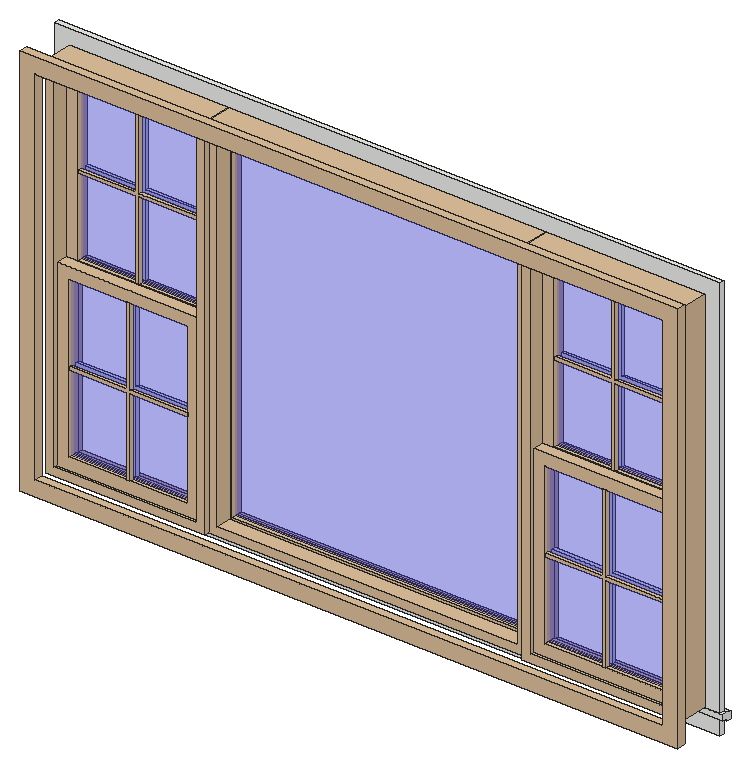
Revit family "Existing Living Room Front Window", category Windows, host Wall, Revit 2021 (continued)
Definition of nested family "Window-Double-Hung"
  Definition of nested family "Muntin Pattern_2x2"
    Reference planes (in)
      plane 2: z = 0
      plane 3 "Center (Left/Right)": x = 0
      plane 4: z = 48
      plane 5: x = -24
      plane 6: x = 24
      plane 7: z = 24
      plane 8: y = 0.375
      plane 9: y = 0.875
      plane 10: y = -0.375
      plane 11: y = -0.875
    Forms (in)
      Extrusion 1, solid, material <- "Interior Material", detail levels fine
        sketch origin (0, 0, 0) x (1, 0, 0) y (0, 0, 1)
          loop
            line (-24, 24.25) -> (-24, 23.75) -> (-0.25, 23.75) -> (-0.25, 0) -> (0.25, 0) -> (0.25, 23.75) -> (24, 23.75) -> (24, 24.25) -> (0.25, 24.25) -> (0.25, 48) -> (-0.25, 48) -> (-0.25, 24.25) -> (-24, 24.25)
        from 0.375 to 0.875
      Extrusion 2, solid, material <- "Exterior Material", detail levels fine
        sketch origin (0, 0, 0) x (1, 0, 0) y (0, 0, -1)
          loop
            line (-24, -24.25) -> (-0.25, -24.25) -> (-0.25, -48) -> (0.25, -48) -> (0.25, -24.25) -> (24, -24.25) -> (24, -23.75) -> (0.25, -23.75) -> (0.25, 0) -> (-0.25, 0) -> (-0.25, -23.75) -> (-24, -23.75) -> (-24, -24.25)
        from 0.375 to 0.875
    Lines and regions (in)
      model lines, detail levels medium
        curve 1: line (0, 0.375, 48) -> (0, 0.375, 0)
        curve 2: line (-24, -0.375, 24) -> (24, -0.375, 24)
        curve 3: line (-24, 0.375, 24) -> (24, 0.375, 24)
        curve 4: line (0, -0.375, 48) -> (0, -0.375, 0)
    Dimensions and locks (in)
      equal spacing: plane 6, plane 3 "Center (Left/Right)", plane 5
      "Width": plane 6 to plane 5
      "Height": plane 4 to plane 2
      equal spacing: plane 4, plane 7, plane 2
      locked: plane 3 "Center (Left/Right)" to Extrusion 1 sketch curve at 0.25  (x4)
      locked: Extrusion 1 sketch curve to plane 7 at 0.25  (x2)
      locked: plane 7 to Extrusion 1 sketch curve at 0.25  (x2)
      "Thickness": plane 9 to plane 8
      "Thickness": plane 10 to plane 11
      "Distance": plane 8 to plane 10
      equal spacing: plane 8, plane 1 "Center (Front/Back)", plane 10
      aligned and locked: plane 2 to level
      aligned and locked: plane 4 to curve 1
      aligned and locked: plane 5 to curve 2
      aligned and locked: plane 2 to curve 1
      aligned and locked: plane 6 to curve 2
      aligned and locked: Extrusion 1 sketch curve to plane 4
      aligned and locked: Extrusion 1 sketch curve to plane 6
      aligned and locked: Extrusion 1 sketch curve to plane 5
      aligned and locked: Extrusion 1 sketch curve to level
      aligned and locked: Extrusion 1 to plane 11
      aligned and locked: plane 10 to Extrusion 1
      aligned and locked: Extrusion 2 to plane 5
      aligned and locked: plane 6 to Extrusion 2
      aligned and locked: Extrusion 2 to plane 8
      aligned and locked: plane 9 to Extrusion 2
      aligned and locked: Extrusion 2 to plane 2
      aligned and locked: plane 4 to Extrusion 2
      aligned and locked: plane 5 to curve 3
      aligned and locked: plane 6 to curve 3
      aligned and locked: plane 4 to curve 4
      aligned and locked: plane 2 to curve 4
      aligned and locked: plane 8 to curve 3
    Automatic sketch dimensions
      curve 2 to plane 7 = 0' - 0"
      Extrusion 2 sketch curve to plane 5 = 0' - 0"
      Extrusion 2 sketch curve to level = 0' - 0"
      Extrusion 2 sketch curve to plane 4 = 0' - 0"
      Extrusion 2 sketch curve to plane 6 = 0' - 0"
      Extrusion 2 sketch curve to plane 3 "Center (Left/Right)" = 0' - 0 1/4"  (x2)
      plane 3 "Center (Left/Right)" to Extrusion 2 sketch curve = 0' - 0 1/4"  (x2)
      plane 7 to Extrusion 2 sketch curve = 0' - 0 1/4"  (x2)
      Extrusion 2 sketch curve to plane 7 = 0' - 0 1/4"  (x2)
      curve 4 to plane 3 "Center (Left/Right)" = 0' - 0"
      curve 4 to level = 0' - 0"
      curve 4 to plane 4 = 0' - 0"
      curve 3 to plane 6 = 0' - 0"
      curve 1 to plane 3 "Center (Left/Right)" = 0' - 0"
      curve 3 to plane 5 = 0' - 0"
      curve 3 to plane 7 = 0' - 0"
  Definition of nested family "Trim-Window-Exterior-Flat"
    Parameters (values of type "with Sill")
      Trim Width = 0' - 2 1/4"
      Trim Thickness_Picture Frame = 0' - 1 1/4"
      Trim Thickness_with Sill = 0' - 0 3/4"
      Trim Material [instance] = none
      Sill Thickness = 0' - 1 1/4"
      Sill = yes
      Picture Frame = no
      Opening Width [instance] = 2' - 0"
      Opening Height [instance] = 3' - 0"
      Default Elevation = 4' - 0"
    Types (2): name | Sill | Picture Frame
      with Sill | yes | no
      Picture Frame | no | yes
    Reference planes (in)
      plane 1 "Center (Front/Back)": y = 0
      plane 2: z = 0
      plane 3 "Center (Left/Right)": x = 0
      plane 4: y = 2.25
      plane 5 "Left": x = -12
      plane 6 "Right": x = 12
      plane 7 "Bottom": y = -36
      plane 8: y = -37.25
      plane 9: y = -39.12332
      plane 10: x = 14.25
      plane 11: x = -14.25
      plane 12: z = 0.75
      plane 13: z = 1.25
      plane 14: x = 14.75
      plane 15: x = -14.75
      plane 16: y = -36.87332
      plane 17: y = -38.25
      plane 18: z = 0.5
      plane 19: y = -18
      plane 20: z = 1.5
    Forms (in)
      Extrusion 1, solid
        sketch origin (0, 0, 0) x (1, 0, 0) y (0, 1, 0)
          loop
            line (-14.25, 2.25) -> (-14.25, -39.12332) -> (14.25, -39.12332) -> (14.25, 2.25) -> (-14.25, 2.25)
        from 0 to -12
      Extrusion 2, solid, material <- "Trim Material", visible <- "Sill"
        sketch origin (0, 0, 0) x (1, 0, 0) y (0, 1, 0)
          loop
            line (-14.25, -36) -> (-12, -36) -> (-12, 0) -> (12, 0) -> (12, -36) -> (14.25, -36) -> (14.25, 2.25) -> (-14.25, 2.25) -> (-14.25, -36)
        from 0 to 0.75
      Extrusion 3, solid, material <- "Trim Material", visible <- "Sill"
        sketch origin (0, 0, 0) x (0, 1, 0) y (0, 0, 1)
          loop
            line (-36.09677, 1.5) -> (-37.25, 1.5) -> (-37.25, 0.75) -> (-36.87332, 0.75) -> (-36.87332, 0) -> (-36, 0) -> (-36, 0.75) -> (-36.09677, 1.5)
        from -14.75 to 14.75
      Extrusion 4, solid, material <- "Trim Material", visible <- "Sill"
        sketch origin (0, 0, 0) x (1, 0, 0) y (0, 1, 0)
          loop
            line (-14.25, -36.87332) -> (-14.25, -39.12332) -> (14.25, -39.12332) -> (14.25, -36.87332) -> (-14.25, -36.87332)
        from 0 to 0.75
      Extrusion 5, solid, material <- "Trim Material", visible <- "Picture Frame"
        sketch origin (0, 0, 0) x (1, 0, 0) y (0, 1, 0)
          loop
            line (-12, 0) -> (-12, -36) -> (12, -36) -> (12, 0) -> (-12, 0)
          loop
            line (-14.25, 2.25) -> (-14.25, -38.25) -> (14.25, -38.25) -> (14.25, 2.25) -> (-14.25, 2.25)
        from 0 to 1.25
    Dimensions and locks (in)
      equal spacing: plane 5 "Left", plane 3 "Center (Left/Right)", plane 6 "Right"
      "Opening Width": plane 5 "Left" to plane 6 "Right"
      "Opening Height": plane 7 "Bottom" to plane 1 "Center (Front/Back)"
      "Sill Thickness": plane 7 "Bottom" to plane 8
      "Trim Width": plane 11 to plane 5 "Left"
      "Trim Width": plane 6 "Right" to plane 10
      "Trim Width": plane 1 "Center (Front/Back)" to plane 4
      locked: plane 15 to plane 11 at 0.5
      locked: plane 10 to plane 14 at 0.5
      locked: plane 16 to plane 8 at 0.37668
      "Trim Width": plane 9 to plane 16
      "Trim Width": plane 17 to plane 7 "Bottom"
      locked: plane 18 to plane 2 at 0.5
      equal spacing: plane 7 "Bottom", plane 19, plane 1 "Center (Front/Back)"
      locked: plane 20 to plane 12 at 0.75
      "Trim Thickness_with Sill": plane 12 to plane 2
      "Trim Thickness_Picture Frame": plane 13 to plane 2
      aligned and locked: plane 2 to Extrusion 1
      aligned and locked: level to Extrusion 1
      aligned and locked: Extrusion 2 sketch curve to plane 5 "Left"
      aligned and locked: Extrusion 2 sketch curve to plane 11
      aligned and locked: plane 7 "Bottom" to Extrusion 2 sketch curve  (x2)
      aligned and locked: plane 1 "Center (Front/Back)" to Extrusion 2 sketch curve
      aligned and locked: plane 10 to Extrusion 2 sketch curve
      aligned and locked: Extrusion 2 sketch curve to plane 6 "Right"
      aligned and locked: plane 12 to Extrusion 2
      aligned and locked: Extrusion 3 sketch curve to level
      aligned and locked: plane 7 "Bottom" to Extrusion 3 sketch curve
      aligned and locked: Extrusion 3 sketch curve to plane 8
      aligned and locked: plane 15 to Extrusion 3
      aligned and locked: Extrusion 3 to plane 14
      aligned and locked: plane 10 to Extrusion 4 sketch curve
      aligned and locked: Extrusion 4 sketch curve to plane 11
      aligned and locked: plane 16 to Extrusion 4 sketch curve
      aligned and locked: plane 9 to Extrusion 4 sketch curve
      aligned and locked: Extrusion 4 to Extrusion 2
      aligned and locked: Extrusion 2 sketch curve to plane 4
      aligned and locked: plane 1 "Center (Front/Back)" to Extrusion 5 sketch curve
      aligned and locked: Extrusion 5 sketch curve to plane 4
      aligned and locked: Extrusion 5 sketch curve to plane 17
      aligned and locked: plane 7 "Bottom" to Extrusion 5 sketch curve
      aligned and locked: Extrusion 5 sketch curve to plane 6 "Right"
      aligned and locked: plane 10 to Extrusion 5 sketch curve
      aligned and locked: Extrusion 5 sketch curve to plane 5 "Left"
      aligned and locked: Extrusion 5 sketch curve to plane 11
      aligned and locked: plane 13 to Extrusion 5
      aligned and locked: plane 20 to Extrusion 3
    Automatic sketch dimensions
      Extrusion 1 sketch curve to Extrusion 1 sketch curve = 2' - 4 1/2"
      Extrusion 1 sketch curve to Extrusion 1 sketch curve = 3' - 5.37332"
      Extrusion 3 sketch curve to plane 16 = 0' - 0"
      Extrusion 3 sketch curve to plane 12 = 0' - 0"  (x2)
      Extrusion 3 sketch curve to plane 7 "Bottom" = 0' - 0.09677"
      plane 13 to Extrusion 3 sketch curve = 0' - 0 1/4"
  Definition of nested family "Trim-Window-Interior-Flat"
    Parameters (values of type "with Sill")
      Trim Thickness_Picture Frame = 0' - 1 1/4"
      Trim Width = 0' - 2 1/4"
      Trim Thickness_with Sill = 0' - 0 3/4"
      Trim Material [instance] = none
      Sill Thickness = 0' - 1 1/4"
      Sill = yes
      Picture Frame = no
      Opening Width [instance] = 2' - 0"
      Opening Height [instance] = 3' - 0"
      Default Elevation = 4' - 0"
    Types (2): name | Sill | Picture Frame
      with Sill | yes | no
      Picture Frame | no | yes
    Reference planes (in)
      plane 1 "Center (Front/Back)": y = 0
      plane 2: z = 0
      plane 3 "Center (Left/Right)": x = 0
      plane 4: y = 1.75
      plane 5 "Left": x = -12
      plane 6 "Right": x = 12
      plane 7 "Bottom": y = -36
      plane 8: y = -37.25
      plane 9: y = -39.12332
      plane 10: x = 13.75
      plane 11: x = -13.75
      plane 12: z = 0.75
      plane 13: z = 1.25
      plane 14: x = 14.25
      plane 15: x = -14.25
      plane 16: y = -36.87332
      plane 17: y = -37.75
      plane 18: z = 0.5
      plane 19: x = -11.5
      plane 20: y = -0.5
      plane 21: x = 11.5
      plane 22: y = -35.5
      plane 23: x = -13.25
      plane 24: x = 13.25
      plane 25: y = -18
    Forms (in)
      Extrusion 1, solid
        sketch origin (0, 0, 0) x (1, 0, 0) y (0, 1, 0)
          loop
            line (-13.75, 1.75) -> (-13.75, -37.75) -> (13.75, -37.75) -> (13.75, 1.75) -> (-13.75, 1.75)
        from 0 to -12
      Extrusion 2, solid, material <- "Trim Material", visible <- "Sill"
        sketch origin (0, 0, 0) x (1, 0, 0) y (0, 1, 0)
          loop
            line (-13.25, -36) -> (-11.5, -36) -> (-11.5, 0) -> (11.5, 0) -> (11.5, -36) -> (13.25, -36) -> (13.25, 1.75) -> (-13.25, 1.75) -> (-13.25, -36)
        from 0 to 0.75
      Extrusion 3, solid, material <- "Trim Material", visible <- "Sill"
        sketch origin (0, 0, 0) x (0, 1, 0) y (0, 0, 1)
          loop
            line (-36.5, 1.5) -> (-36.87332, 1.5) -> (-36.87332, 0) -> (-36, 0) -> (-36, 1)
            arc (-36, 1) -> (-36.14645, 1.35355) -> (-36.5, 1.5) r 0.5
        from -13.75 to 13.75
      Extrusion 4, solid, material <- "Trim Material", visible <- "Sill"
        sketch origin (0, 0, 0) x (1, 0, 0) y (0, 1, 0)
          loop
            line (-13.25, -36.87332) -> (-13.25, -39.12332) -> (13.25, -39.12332) -> (13.25, -36.87332) -> (-13.25, -36.87332)
        from 0 to 0.75
      Extrusion 5, solid, material <- "Trim Material", visible <- "Picture Frame"
        sketch origin (0, 0, 0) x (1, 0, 0) y (0, 1, 0)
          loop
            line (-11.5, -0.5) -> (-11.5, -35.5) -> (11.5, -35.5) -> (11.5, -0.5) -> (-11.5, -0.5)
          loop
            line (-13.75, 1.75) -> (-13.75, -37.75) -> (13.75, -37.75) -> (13.75, 1.75) -> (-13.75, 1.75)
        from 0 to 1.25
    Dimensions and locks (in)
      equal spacing: plane 5 "Left", plane 3 "Center (Left/Right)", plane 6 "Right"
      "Opening Width": plane 5 "Left" to plane 6 "Right"
      "Opening Height": plane 7 "Bottom" to plane 1 "Center (Front/Back)"
      "Sill Thickness": plane 7 "Bottom" to plane 8
      "Trim Width": plane 11 to plane 19
      "Trim Width": plane 21 to plane 10
      "Trim Width": plane 20 to plane 4
      "Trim Thickness_with Sill": plane 12 to plane 2
      locked: plane 15 to plane 11 at 0.5
      locked: plane 10 to plane 14 at 0.5
      locked: plane 16 to plane 8 at 0.37668
      "Trim Width": plane 9 to plane 16
      "Trim Width": plane 17 to plane 22
      plane 20 to plane 1 "Center (Front/Back)" = 0' - 0 1/2"
      plane 5 "Left" to plane 19 = 0' - 0 1/2"
      plane 21 to plane 6 "Right" = 0' - 0 1/2"
      plane 22 to plane 7 "Bottom" = 0' - 0 1/2"
      locked: plane 11 to plane 23 at 0.5
      locked: plane 24 to plane 10 at 0.5
      equal spacing: plane 7 "Bottom", plane 25, plane 1 "Center (Front/Back)"
      "Trim Thickness_Picture Frame": plane 13 to plane 2
      locked: Extrusion 3 to plane 12 at 0.75
      locked: plane 12 to Extrusion 3 sketch curve at 0.75
      radius of Extrusion 3 sketch curve = 0' - 0 1/2"
      aligned and locked: plane 2 to Extrusion 1
      aligned and locked: level to Extrusion 1
      aligned and locked: plane 7 "Bottom" to Extrusion 2 sketch curve  (x2)
      aligned and locked: plane 1 "Center (Front/Back)" to Extrusion 2 sketch curve
      aligned and locked: plane 12 to Extrusion 2
      aligned and locked: Extrusion 3 sketch curve to level
      aligned and locked: plane 7 "Bottom" to Extrusion 3 sketch curve
      aligned and locked: plane 16 to Extrusion 4 sketch curve
      aligned and locked: plane 9 to Extrusion 4 sketch curve
      aligned and locked: Extrusion 2 sketch curve to plane 4
      aligned and locked: Extrusion 5 sketch curve to plane 4
      aligned and locked: Extrusion 5 sketch curve to plane 17
      aligned and locked: plane 10 to Extrusion 5 sketch curve
      aligned and locked: Extrusion 5 sketch curve to plane 11
      aligned and locked: plane 13 to Extrusion 5
      aligned and locked: Extrusion 5 sketch curve to plane 20
      aligned and locked: Extrusion 5 sketch curve to plane 19
      aligned and locked: Extrusion 5 sketch curve to plane 21
      aligned and locked: plane 22 to Extrusion 5 sketch curve
      aligned and locked: Extrusion 4 to plane 24
      aligned and locked: plane 11 to Extrusion 3
      aligned and locked: Extrusion 3 to plane 10
      aligned and locked: Extrusion 2 sketch curve to plane 21
      aligned and locked: Extrusion 2 sketch curve to plane 24
      aligned and locked: Extrusion 2 sketch curve to plane 19
      aligned and locked: Extrusion 2 sketch curve to plane 23
      aligned and locked: plane 12 to Extrusion 4
    Automatic sketch dimensions
      Extrusion 1 sketch curve to Extrusion 1 sketch curve = 2' - 3 1/2"
      Extrusion 1 sketch curve to Extrusion 1 sketch curve = 3' - 3 1/2"
      Extrusion 3 sketch curve to plane 16 = 0' - 0"
      Extrusion 4 sketch curve to plane 11 = 0' - 0 1/2"
      Extrusion 4 sketch curve to plane 24 = 0' - 0"
  Definition of nested family "Plan-Double-Hung"
    Parameters (values of type "Plan-Double-Hung")
      Window Inset [instance] = 0' - 0"
      Window Inset of 3D [instance] = if(Window Inset = 0' 0", 0' 0 1/2", if(Window Inset < Wall Thickness - 0' 3 1/2", Window Inset + 0' 0 1/2", Wall Thickness - 0' 3 1/2"))  # 0' - 0 1/2"
      Width [instance] = 4' - 0"
      Wall Thickness [instance] = 0' - 6"
      Height [instance] = 3' - 0"
      Default Elevation = 4' - 0"
      Analytic Construction = "<None>"
    Reference planes (in)
      plane 1 "Center (Front/Back)": y = 0
      plane 2: z = 0
      plane 3 "Center (Left/Right)": x = 0
      plane 4: x = -24
      plane 5: x = 24
      plane 6 "Jamb": y = -4
      plane 7: x = -22.75
      plane 8: y = -0.5
      plane 9: y = -2.25
      plane 10: y = -1.375
      plane 11: x = -21
      plane 12: x = 22.75
      plane 13: x = 21
      plane 14 "Window Inset": y = -1
      plane 15 "Wall": y = -6
      plane 16: z = 36
      plane 17: z = 34.75
      plane 18: z = 1.25
      plane 19: z = 33
      plane 20: z = 3
      plane 21: z = 18
      plane 22: z = 17.125
      plane 23: z = 18.875
      plane 24: y = -3.125
    Lines and regions (in)
      Masking region 1
        outline origin (0, 0.75, 0) x (1, 0, 0) y (0, 1, 0)
          loop
            line (-24, -6.75) -> (24, -6.75) -> (24, -0.75) -> (-24, -0.75) -> (-24, -6.75)
      Masking region 2
        outline origin (0, 0, 0) x (0, 1, 0) y (0, 0, 1)
          loop
            line (-6, 36) -> (-6, 0) -> (0, 0) -> (0, 36) -> (-6, 36)
      symbolic lines
        curve 1: line (-22.75, -2.25, 0) -> (-21, -2.25, 0)
        curve 2: line (-22.75, -0.5, 0) -> (-22.75, -4, 0)
        curve 3: line (-24, -0.5, 0) -> (-21, -0.5, 0)
        curve 4: line (-21, -0.5, 0) -> (-21, -2.25, 0)
        curve 5: line (-21, -1.375, 0) -> (21, -1.375, 0)
        curve 6: line (22.75, -2.25, 0) -> (21, -2.25, 0)
        curve 7: line (22.75, -0.5, 0) -> (22.75, -4, 0)
        curve 8: line (21, -0.5, 0) -> (21, -2.25, 0)
        curve 9: line (-24, -4, 0) -> (-22.75, -4, 0)
        curve 10: line (22.75, -4, 0) -> (24, -4, 0)
        curve 11: line (0, -0.5, 34.75) -> (0, -4, 34.75)
        curve 12: line (0, -4, 0) -> (0, -4, 3)
        curve 13: line (0, -0.5, 1.25) -> (0, -4, 1.25)
        curve 14: line (0, -0.5, 36) -> (0, -0.5, 33)
        curve 15: line (0, -0.5, 33) -> (0, -2.25, 33)
        curve 16: line (0, -4, 3) -> (0, -2.25, 3)
        curve 17: line (0, -1.375, 18.875) -> (0, -1.375, 33)
        curve 18: line (0, -2.25, 34.75) -> (0, -2.25, 33)
        curve 19: line (21, -0.5, 0) -> (24, -0.5, 0)
        curve 20: line (0, -4, 34.75) -> (0, -4, 36)
        curve 21: line (0, -0.5, 1.25) -> (0, -0.5, 0)
        curve 22: line (0, -2.25, 3) -> (0, -2.25, 1.25)
        curve 23: line (0, -4, 18.875) -> (0, -0.5, 18.875)
        curve 24: line (0, -4, 17.125) -> (0, -4, 18.875)
        curve 25: line (0, -0.5, 17.125) -> (0, -4, 17.125)
        curve 26: line (0, -0.5, 18.875) -> (0, -0.5, 17.125)
        curve 27: line (0, -2.25, 18.875) -> (0, -2.25, 17.125)
        curve 28: line (0, -3.125, 17.125) -> (0, -3.125, 3)
        curve 29: line (-21, -0.5, 0) -> (21, -0.5, 0)
        curve 30: line (-22.75, -4, 0) -> (22.75, -4, 0)
        curve 31: line (0, -0.5, 33) -> (0, -0.5, 18.875)
        curve 32: line (0, -4, 34.75) -> (0, -4, 18.875)
        curve 33: line (0, -4, 17.125) -> (0, -4, 3)
        curve 34: line (0, -0.5, 17.125) -> (0, -0.5, 1.25)
    Dimensions and locks (in)
      "Width": plane 4 to plane 5
      equal spacing: plane 4, plane 3 "Center (Left/Right)", plane 5
      locked: plane 4 to plane 7 at 1.25
      equal spacing: plane 8, plane 10, plane 9
      locked: plane 5 to plane 12 at 1.25
      locked: plane 8 to plane 14 "Window Inset" at 0.5
      locked: plane 8 to plane 9 at 1.75
      "Wall Thickness": plane 15 "Wall" to plane 1 "Center (Front/Back)"
      "Height": plane 16 to plane 2
      locked: plane 16 to plane 17 at 1.25
      locked: plane 18 to plane 2 at 1.25
      locked: plane 9 to plane 6 "Jamb" at 1.75
      "Window Inset of 3D": plane 8 to plane 1 "Center (Front/Back)"
      locked: plane 7 to plane 11 at 1.75
      locked: plane 13 to plane 12 at 1.75
      locked: plane 17 to plane 19 at 1.75
      locked: plane 20 to plane 18 at 1.75
      equal spacing: plane 19, plane 21, plane 20
      equal spacing: plane 23, plane 21, plane 22
      locked: plane 23 to plane 22 at 1.75
      equal spacing: plane 6 "Jamb", plane 24, plane 9
      aligned and locked: plane 2 to level
      aligned and locked: curve 1 to plane 9
      aligned and locked: plane 4 to Masking region 1 sketch curve
      aligned and locked: Masking region 1 sketch curve to plane 5
      aligned and locked: Masking region 1 sketch curve to plane 15 "Wall"
      aligned and locked: curve 9 to plane 6 "Jamb"
      aligned and locked: curve 10 to plane 6 "Jamb"
      aligned and locked: plane 1 "Center (Front/Back)" to Masking region 1 sketch curve
      aligned and locked: Masking region 2 sketch curve to plane 16
      aligned and locked: plane 15 "Wall" to Masking region 2 sketch curve
      aligned and locked: level to Masking region 2 sketch curve
      aligned and locked: plane 6 "Jamb" to curve 12
      aligned and locked: plane 17 to curve 11
      aligned and locked: plane 18 to curve 13
      aligned and locked: curve 14 to plane 8
      aligned and locked: plane 19 to curve 15
      aligned and locked: curve 16 to plane 20
      aligned and locked: plane 10 to curve 17
      aligned and locked: plane 4 to curve 3
      aligned and locked: plane 5 to curve 19
      aligned and locked: plane 16 to curve 14
      aligned and locked: plane 8 to curve 11
      aligned and locked: plane 8 to curve 13
      aligned and locked: plane 2 to curve 21
      aligned and locked: plane 8 to curve 2
      aligned and locked: plane 8 to curve 7
      aligned and locked: curve 18 to plane 9
      aligned and locked: plane 17 to curve 18
      aligned and locked: plane 19 to curve 18
      aligned and locked: plane 2 to curve 12
      aligned and locked: curve 19 to plane 8
      aligned and locked: curve 3 to plane 8
      aligned and locked: curve 4 to plane 11
      aligned and locked: plane 13 to curve 8
      aligned and locked: curve 5 to plane 10
      aligned and locked: plane 9 to curve 6
      aligned and locked: plane 6 "Jamb" to curve 20
      aligned and locked: curve 22 to plane 9
      aligned and locked: curve 23 to plane 23
      aligned and locked: plane 6 "Jamb" to curve 24
      aligned and locked: plane 22 to curve 25
      aligned and locked: curve 26 to plane 8
      aligned and locked: curve 27 to plane 9
      aligned and locked: plane 23 to curve 17
      aligned and locked: curve 28 to plane 24
    Automatic sketch dimensions
      Masking region 2 sketch curve to plane 1 "Center (Front/Back)" = 0' - 0"
      curve 9 to plane 4 = 0' - 0"
      curve 2 to plane 7 = 0' - 0"
      curve 7 to plane 12 = 0' - 0"
      curve 10 to plane 5 = 0' - 0"
      curve 34 to plane 18 = 0' - 0"
      curve 20 to plane 16 = 0' - 0"
  Definition of nested family "Filled Arrow"
    Parameters (values of type "Filled Arrow")
      D3 = 0' - 0"
      D2 = D1 / 6  # 0' - 1.33333"
      D1 = 0' - 8"
    Reference planes (in)
      plane 1 "Center (Front/Back)": y = 0
      plane 2: z = 0
      plane 3 "Center (Left/Right)": x = 0
      plane 4: y = 0.66667
      plane 5: y = -0.66667
      plane 6: x = -4
      plane 7: x = 4
      plane 8: through (8.02606, -2.81908, 48) normal (-0.5736, -0.8192, 0)
      plane 9: through (8.02606, 2.81908, 48) normal (0.5736, -0.8192, 0)
      plane 10: x = 1.33333
    Lines and regions (in)
      Filled region 1, type "Concrete Block", in view "Ref. Level"
        outline origin (0, 0, 0) x (1, 0, 0) y (0, 1, 0)
          loop
            line (-4, 0.66667) -> (-4, -0.66667) -> (1.33333, -0.66667) -> (1.33333, -1.86722) -> (4, 0) -> (1.33333, 1.86722) -> (1.33333, 0.66667) -> (-4, 0.66667)
      detail lines, in view "Ref. Level"
        curve 1: line (-4, 0.66667, 0) -> (1.33333, 0.66667, 0)
        curve 2: line (-4, 0.66667, 0) -> (-4, -0.66667, 0)
        curve 3: line (-4, -0.66667, 0) -> (1.33333, -0.66667, 0)
        curve 4: line (4, 0, 0) -> (1.33333, -1.86722, 0)
        curve 5: line (4, 0, 0) -> (1.33333, 1.86722, 0)
        curve 6: line (1.33333, -0.66667, 0) -> (1.33333, -1.86722, 0)
        curve 7: line (1.33333, 1.86722, 0) -> (1.33333, 0.66667, 0)
    Dimensions and locks (in)
      equal spacing: plane 6, plane 3 "Center (Left/Right)", plane 7
      "D1": plane 6 to plane 7
      equal spacing: plane 4, plane 1 "Center (Front/Back)", plane 5
      "D2": plane 4 to plane 5
      "D2": plane 3 "Center (Left/Right)" to plane 10
      locked: plane 8 to plane 1 "Center (Front/Back)" (angle 35.00°)
      locked: plane 1 "Center (Front/Back)" to plane 9 (angle 35.00°)
      aligned and locked: curve 1 to plane 4
      aligned and locked: curve 2 to plane 6
      aligned and locked: curve 3 to plane 5
      aligned and locked: curve 4 to plane 9
      aligned and locked: curve 5 to plane 8
      aligned and locked: curve 6 to plane 10
      aligned and locked: curve 7 to plane 10
      aligned and locked: Filled region 1 sketch curve to curve 1
      aligned and locked: Filled region 1 sketch curve to curve 2
      aligned and locked: Filled region 1 sketch curve to curve 3
      aligned and locked: Filled region 1 sketch curve to curve 6
      aligned and locked: Filled region 1 sketch curve to curve 4
      aligned and locked: Filled region 1 sketch curve to curve 5
      aligned and locked: Filled region 1 sketch curve to curve 7
Definition of nested family "Muntin Pattern_2x2"
  Parameters (values of type "Muntin Pattern_2x2")
    Width [instance] = 4' - 0"
    Thickness = 0' - 0 1/2"
    Height [instance] = 4' - 0"
    Interior Material [instance] = none
    Exterior Material [instance] = none
    Distance = 0' - 0 3/4"
    Default Elevation = 0' - 0"
  Reference planes (in)
    plane 1 "Center (Front/Back)": y = 0
    plane 2: z = 0
    plane 3 "Center (Left/Right)": x = 0
    plane 4: z = 48
    plane 5: x = -24
    plane 6: x = 24
    plane 7: z = 24
    plane 8: y = 0.375
    plane 9: y = 0.875
    plane 10: y = -0.375
    plane 11: y = -0.875
  Forms (in)
    Extrusion 1, solid, material <- "Interior Material", detail levels fine
      sketch origin (0, 0, 0) x (1, 0, 0) y (0, 0, 1)
        loop
          line (-24, 24.25) -> (-24, 23.75) -> (-0.25, 23.75) -> (-0.25, 0) -> (0.25, 0) -> (0.25, 23.75) -> (24, 23.75) -> (24, 24.25) -> (0.25, 24.25) -> (0.25, 48) -> (-0.25, 48) -> (-0.25, 24.25) -> (-24, 24.25)
      from 0.375 to 0.875
    Extrusion 2, solid, material <- "Exterior Material", detail levels fine
      sketch origin (0, 0, 0) x (1, 0, 0) y (0, 0, -1)
        loop
          line (-24, -24.25) -> (-0.25, -24.25) -> (-0.25, -48) -> (0.25, -48) -> (0.25, -24.25) -> (24, -24.25) -> (24, -23.75) -> (0.25, -23.75) -> (0.25, 0) -> (-0.25, 0) -> (-0.25, -23.75) -> (-24, -23.75) -> (-24, -24.25)
      from 0.375 to 0.875
  Lines and regions (in)
    model lines, detail levels medium
      curve 1: line (0, 0.375, 48) -> (0, 0.375, 0)
      curve 2: line (-24, -0.375, 24) -> (24, -0.375, 24)
      curve 3: line (-24, 0.375, 24) -> (24, 0.375, 24)
      curve 4: line (0, -0.375, 48) -> (0, -0.375, 0)
  Dimensions and locks (in)
    equal spacing: plane 6, plane 3 "Center (Left/Right)", plane 5
    "Width": plane 6 to plane 5
    "Height": plane 4 to plane 2
    equal spacing: plane 4, plane 7, plane 2
    locked: plane 3 "Center (Left/Right)" to Extrusion 1 sketch curve at 0.25  (x4)
    locked: Extrusion 1 sketch curve to plane 7 at 0.25  (x2)
    locked: plane 7 to Extrusion 1 sketch curve at 0.25  (x2)
    "Thickness": plane 9 to plane 8
    "Thickness": plane 10 to plane 11
    "Distance": plane 8 to plane 10
    equal spacing: plane 8, plane 1 "Center (Front/Back)", plane 10
    aligned and locked: plane 2 to level
    aligned and locked: plane 4 to curve 1
    aligned and locked: plane 5 to curve 2
    aligned and locked: plane 2 to curve 1
    aligned and locked: plane 6 to curve 2
    aligned and locked: Extrusion 1 sketch curve to plane 4
    aligned and locked: Extrusion 1 sketch curve to plane 6
    aligned and locked: Extrusion 1 sketch curve to plane 5
    aligned and locked: Extrusion 1 sketch curve to level
    aligned and locked: Extrusion 1 to plane 11
    aligned and locked: plane 10 to Extrusion 1
    aligned and locked: Extrusion 2 to plane 5
    aligned and locked: plane 6 to Extrusion 2
    aligned and locked: Extrusion 2 to plane 8
    aligned and locked: plane 9 to Extrusion 2
    aligned and locked: Extrusion 2 to plane 2
    aligned and locked: plane 4 to Extrusion 2
    aligned and locked: plane 5 to curve 3
    aligned and locked: plane 6 to curve 3
    aligned and locked: plane 4 to curve 4
    aligned and locked: plane 2 to curve 4
    aligned and locked: plane 8 to curve 3
  Automatic sketch dimensions
    curve 2 to plane 7 = 0' - 0"
    Extrusion 2 sketch curve to plane 5 = 0' - 0"
    Extrusion 2 sketch curve to level = 0' - 0"
    Extrusion 2 sketch curve to plane 4 = 0' - 0"
    Extrusion 2 sketch curve to plane 6 = 0' - 0"
    Extrusion 2 sketch curve to plane 3 "Center (Left/Right)" = 0' - 0 1/4"  (x2)
    plane 3 "Center (Left/Right)" to Extrusion 2 sketch curve = 0' - 0 1/4"  (x2)
    plane 7 to Extrusion 2 sketch curve = 0' - 0 1/4"  (x2)
    Extrusion 2 sketch curve to plane 7 = 0' - 0 1/4"  (x2)
    curve 4 to plane 3 "Center (Left/Right)" = 0' - 0"
    curve 4 to level = 0' - 0"
    curve 4 to plane 4 = 0' - 0"
    curve 3 to plane 6 = 0' - 0"
    curve 1 to plane 3 "Center (Left/Right)" = 0' - 0"
    curve 3 to plane 5 = 0' - 0"
    curve 3 to plane 7 = 0' - 0"
Definition of nested family "Trim-Window-Exterior-Flat"
  Parameters (values of type "with Sill")
    Trim Width = 0' - 2 1/4"
    Trim Thickness_Picture Frame = 0' - 1 1/4"
    Trim Thickness_with Sill = 0' - 0 3/4"
    Trim Material [instance] = none
    Sill Thickness = 0' - 1 1/4"
    Sill = yes
    Picture Frame = no
    Opening Width [instance] = 2' - 0"
    Opening Height [instance] = 3' - 0"
    Default Elevation = 4' - 0"
  Types (2): name | Sill | Picture Frame
    with Sill | yes | no
    Picture Frame | no | yes
  Reference planes (in)
    plane 1 "Center (Front/Back)": y = 0
    plane 2: z = 0
    plane 3 "Center (Left/Right)": x = 0
    plane 4: y = 2.25
    plane 5 "Left": x = -12
    plane 6 "Right": x = 12
    plane 7 "Bottom": y = -36
    plane 8: y = -37.25
    plane 9: y = -39.12332
    plane 10: x = 14.25
    plane 11: x = -14.25
    plane 12: z = 0.75
    plane 13: z = 1.25
    plane 14: x = 14.75
    plane 15: x = -14.75
    plane 16: y = -36.87332
    plane 17: y = -38.25
    plane 18: z = 0.5
    plane 19: y = -18
    plane 20: z = 1.5
  Forms (in)
    Extrusion 1, solid
      sketch origin (0, 0, 0) x (1, 0, 0) y (0, 1, 0)
        loop
          line (-14.25, 2.25) -> (-14.25, -39.12332) -> (14.25, -39.12332) -> (14.25, 2.25) -> (-14.25, 2.25)
      from 0 to -12
    Extrusion 2, solid, material <- "Trim Material", visible <- "Sill"
      sketch origin (0, 0, 0) x (1, 0, 0) y (0, 1, 0)
        loop
          line (-14.25, -36) -> (-12, -36) -> (-12, 0) -> (12, 0) -> (12, -36) -> (14.25, -36) -> (14.25, 2.25) -> (-14.25, 2.25) -> (-14.25, -36)
      from 0 to 0.75
    Extrusion 3, solid, material <- "Trim Material", visible <- "Sill"
      sketch origin (0, 0, 0) x (0, 1, 0) y (0, 0, 1)
        loop
          line (-36.09677, 1.5) -> (-37.25, 1.5) -> (-37.25, 0.75) -> (-36.87332, 0.75) -> (-36.87332, 0) -> (-36, 0) -> (-36, 0.75) -> (-36.09677, 1.5)
      from -14.75 to 14.75
    Extrusion 4, solid, material <- "Trim Material", visible <- "Sill"
      sketch origin (0, 0, 0) x (1, 0, 0) y (0, 1, 0)
        loop
          line (-14.25, -36.87332) -> (-14.25, -39.12332) -> (14.25, -39.12332) -> (14.25, -36.87332) -> (-14.25, -36.87332)
      from 0 to 0.75
    Extrusion 5, solid, material <- "Trim Material", visible <- "Picture Frame"
      sketch origin (0, 0, 0) x (1, 0, 0) y (0, 1, 0)
        loop
          line (-12, 0) -> (-12, -36) -> (12, -36) -> (12, 0) -> (-12, 0)
        loop
          line (-14.25, 2.25) -> (-14.25, -38.25) -> (14.25, -38.25) -> (14.25, 2.25) -> (-14.25, 2.25)
      from 0 to 1.25
  Dimensions and locks (in)
    equal spacing: plane 5 "Left", plane 3 "Center (Left/Right)", plane 6 "Right"
    "Opening Width": plane 5 "Left" to plane 6 "Right"
    "Opening Height": plane 7 "Bottom" to plane 1 "Center (Front/Back)"
    "Sill Thickness": plane 7 "Bottom" to plane 8
    "Trim Width": plane 11 to plane 5 "Left"
    "Trim Width": plane 6 "Right" to plane 10
    "Trim Width": plane 1 "Center (Front/Back)" to plane 4
    locked: plane 15 to plane 11 at 0.5
    locked: plane 10 to plane 14 at 0.5
    locked: plane 16 to plane 8 at 0.37668
    "Trim Width": plane 9 to plane 16
    "Trim Width": plane 17 to plane 7 "Bottom"
    locked: plane 18 to plane 2 at 0.5
    equal spacing: plane 7 "Bottom", plane 19, plane 1 "Center (Front/Back)"
    locked: plane 20 to plane 12 at 0.75
    "Trim Thickness_with Sill": plane 12 to plane 2
    "Trim Thickness_Picture Frame": plane 13 to plane 2
    aligned and locked: plane 2 to Extrusion 1
    aligned and locked: level to Extrusion 1
    aligned and locked: Extrusion 2 sketch curve to plane 5 "Left"
    aligned and locked: Extrusion 2 sketch curve to plane 11
    aligned and locked: plane 7 "Bottom" to Extrusion 2 sketch curve  (x2)
    aligned and locked: plane 1 "Center (Front/Back)" to Extrusion 2 sketch curve
    aligned and locked: plane 10 to Extrusion 2 sketch curve
    aligned and locked: Extrusion 2 sketch curve to plane 6 "Right"
    aligned and locked: plane 12 to Extrusion 2
    aligned and locked: Extrusion 3 sketch curve to level
    aligned and locked: plane 7 "Bottom" to Extrusion 3 sketch curve
    aligned and locked: Extrusion 3 sketch curve to plane 8
    aligned and locked: plane 15 to Extrusion 3
    aligned and locked: Extrusion 3 to plane 14
    aligned and locked: plane 10 to Extrusion 4 sketch curve
    aligned and locked: Extrusion 4 sketch curve to plane 11
    aligned and locked: plane 16 to Extrusion 4 sketch curve
    aligned and locked: plane 9 to Extrusion 4 sketch curve
    aligned and locked: Extrusion 4 to Extrusion 2
    aligned and locked: Extrusion 2 sketch curve to plane 4
    aligned and locked: plane 1 "Center (Front/Back)" to Extrusion 5 sketch curve
    aligned and locked: Extrusion 5 sketch curve to plane 4
    aligned and locked: Extrusion 5 sketch curve to plane 17
    aligned and locked: plane 7 "Bottom" to Extrusion 5 sketch curve
    aligned and locked: Extrusion 5 sketch curve to plane 6 "Right"
    aligned and locked: plane 10 to Extrusion 5 sketch curve
    aligned and locked: Extrusion 5 sketch curve to plane 5 "Left"
    aligned and locked: Extrusion 5 sketch curve to plane 11
    aligned and locked: plane 13 to Extrusion 5
    aligned and locked: plane 20 to Extrusion 3
  Automatic sketch dimensions
    Extrusion 1 sketch curve to Extrusion 1 sketch curve = 2' - 4 1/2"
    Extrusion 1 sketch curve to Extrusion 1 sketch curve = 3' - 5.37332"
    Extrusion 3 sketch curve to plane 16 = 0' - 0"
    Extrusion 3 sketch curve to plane 12 = 0' - 0"  (x2)
    Extrusion 3 sketch curve to plane 7 "Bottom" = 0' - 0.09677"
    plane 13 to Extrusion 3 sketch curve = 0' - 0 1/4"
Definition of nested family "Trim-Window-Interior-Flat"
  Parameters (values of type "with Sill")
    Trim Thickness_Picture Frame = 0' - 1 1/4"
    Trim Width = 0' - 2 1/4"
    Trim Thickness_with Sill = 0' - 0 3/4"
    Trim Material [instance] = none
    Sill Thickness = 0' - 1 1/4"
    Sill = yes
    Picture Frame = no
    Opening Width [instance] = 2' - 0"
    Opening Height [instance] = 3' - 0"
    Default Elevation = 4' - 0"
  Types (2): name | Sill | Picture Frame
    with Sill | yes | no
    Picture Frame | no | yes
  Reference planes (in)
    plane 1 "Center (Front/Back)": y = 0
    plane 2: z = 0
    plane 3 "Center (Left/Right)": x = 0
    plane 4: y = 1.75
    plane 5 "Left": x = -12
    plane 6 "Right": x = 12
    plane 7 "Bottom": y = -36
    plane 8: y = -37.25
    plane 9: y = -39.12332
    plane 10: x = 13.75
    plane 11: x = -13.75
    plane 12: z = 0.75
    plane 13: z = 1.25
    plane 14: x = 14.25
    plane 15: x = -14.25
    plane 16: y = -36.87332
    plane 17: y = -37.75
    plane 18: z = 0.5
    plane 19: x = -11.5
    plane 20: y = -0.5
    plane 21: x = 11.5
    plane 22: y = -35.5
    plane 23: x = -13.25
    plane 24: x = 13.25
    plane 25: y = -18
  Forms (in)
    Extrusion 1, solid
      sketch origin (0, 0, 0) x (1, 0, 0) y (0, 1, 0)
        loop
          line (-13.75, 1.75) -> (-13.75, -37.75) -> (13.75, -37.75) -> (13.75, 1.75) -> (-13.75, 1.75)
      from 0 to -12
    Extrusion 2, solid, material <- "Trim Material", visible <- "Sill"
      sketch origin (0, 0, 0) x (1, 0, 0) y (0, 1, 0)
        loop
          line (-13.25, -36) -> (-11.5, -36) -> (-11.5, 0) -> (11.5, 0) -> (11.5, -36) -> (13.25, -36) -> (13.25, 1.75) -> (-13.25, 1.75) -> (-13.25, -36)
      from 0 to 0.75
    Extrusion 3, solid, material <- "Trim Material", visible <- "Sill"
      sketch origin (0, 0, 0) x (0, 1, 0) y (0, 0, 1)
        loop
          line (-36.5, 1.5) -> (-36.87332, 1.5) -> (-36.87332, 0) -> (-36, 0) -> (-36, 1)
          arc (-36, 1) -> (-36.14645, 1.35355) -> (-36.5, 1.5) r 0.5
      from -13.75 to 13.75
    Extrusion 4, solid, material <- "Trim Material", visible <- "Sill"
      sketch origin (0, 0, 0) x (1, 0, 0) y (0, 1, 0)
        loop
          line (-13.25, -36.87332) -> (-13.25, -39.12332) -> (13.25, -39.12332) -> (13.25, -36.87332) -> (-13.25, -36.87332)
      from 0 to 0.75
    Extrusion 5, solid, material <- "Trim Material", visible <- "Picture Frame"
      sketch origin (0, 0, 0) x (1, 0, 0) y (0, 1, 0)
        loop
          line (-11.5, -0.5) -> (-11.5, -35.5) -> (11.5, -35.5) -> (11.5, -0.5) -> (-11.5, -0.5)
        loop
          line (-13.75, 1.75) -> (-13.75, -37.75) -> (13.75, -37.75) -> (13.75, 1.75) -> (-13.75, 1.75)
      from 0 to 1.25
  Dimensions and locks (in)
    equal spacing: plane 5 "Left", plane 3 "Center (Left/Right)", plane 6 "Right"
    "Opening Width": plane 5 "Left" to plane 6 "Right"
    "Opening Height": plane 7 "Bottom" to plane 1 "Center (Front/Back)"
    "Sill Thickness": plane 7 "Bottom" to plane 8
    "Trim Width": plane 11 to plane 19
    "Trim Width": plane 21 to plane 10
    "Trim Width": plane 20 to plane 4
    "Trim Thickness_with Sill": plane 12 to plane 2
    locked: plane 15 to plane 11 at 0.5
    locked: plane 10 to plane 14 at 0.5
    locked: plane 16 to plane 8 at 0.37668
    "Trim Width": plane 9 to plane 16
    "Trim Width": plane 17 to plane 22
    plane 20 to plane 1 "Center (Front/Back)" = 0' - 0 1/2"
    plane 5 "Left" to plane 19 = 0' - 0 1/2"
    plane 21 to plane 6 "Right" = 0' - 0 1/2"
    plane 22 to plane 7 "Bottom" = 0' - 0 1/2"
    locked: plane 11 to plane 23 at 0.5
    locked: plane 24 to plane 10 at 0.5
    equal spacing: plane 7 "Bottom", plane 25, plane 1 "Center (Front/Back)"
    "Trim Thickness_Picture Frame": plane 13 to plane 2
    locked: Extrusion 3 to plane 12 at 0.75
    locked: plane 12 to Extrusion 3 sketch curve at 0.75
    radius of Extrusion 3 sketch curve = 0' - 0 1/2"
    aligned and locked: plane 2 to Extrusion 1
    aligned and locked: level to Extrusion 1
    aligned and locked: plane 7 "Bottom" to Extrusion 2 sketch curve  (x2)
    aligned and locked: plane 1 "Center (Front/Back)" to Extrusion 2 sketch curve
    aligned and locked: plane 12 to Extrusion 2
    aligned and locked: Extrusion 3 sketch curve to level
    aligned and locked: plane 7 "Bottom" to Extrusion 3 sketch curve
    aligned and locked: plane 16 to Extrusion 4 sketch curve
    aligned and locked: plane 9 to Extrusion 4 sketch curve
    aligned and locked: Extrusion 2 sketch curve to plane 4
    aligned and locked: Extrusion 5 sketch curve to plane 4
    aligned and locked: Extrusion 5 sketch curve to plane 17
    aligned and locked: plane 10 to Extrusion 5 sketch curve
    aligned and locked: Extrusion 5 sketch curve to plane 11
    aligned and locked: plane 13 to Extrusion 5
    aligned and locked: Extrusion 5 sketch curve to plane 20
    aligned and locked: Extrusion 5 sketch curve to plane 19
    aligned and locked: Extrusion 5 sketch curve to plane 21
    aligned and locked: plane 22 to Extrusion 5 sketch curve
    aligned and locked: Extrusion 4 to plane 24
    aligned and locked: plane 11 to Extrusion 3
    aligned and locked: Extrusion 3 to plane 10
    aligned and locked: Extrusion 2 sketch curve to plane 21
    aligned and locked: Extrusion 2 sketch curve to plane 24
    aligned and locked: Extrusion 2 sketch curve to plane 19
    aligned and locked: Extrusion 2 sketch curve to plane 23
    aligned and locked: plane 12 to Extrusion 4
  Automatic sketch dimensions
    Extrusion 1 sketch curve to Extrusion 1 sketch curve = 2' - 3 1/2"
    Extrusion 1 sketch curve to Extrusion 1 sketch curve = 3' - 3 1/2"
    Extrusion 3 sketch curve to plane 16 = 0' - 0"
    Extrusion 4 sketch curve to plane 11 = 0' - 0 1/2"
    Extrusion 4 sketch curve to plane 24 = 0' - 0"
Types (3): name | Window Inset | Side Window Width | Side Window Location | Middle Window Width | Height | Width
  (no name) | 0' - 0 3/4" | 2' - 0" | 2' - 0" | 4' - 0" | 4' - 8" | 8' - 0"
  (2) 2'-0" x 4'-8" DH + 4'-0" x 4'-8" FX | 0' - 0 3/4" | 2' - 0" | 2' - 0" | 4' - 0" | 4' - 8" | 8' - 0"
  (2) 0600 x 1400mm DH + 1200 x 1400mm FX | 0' - 0 181/256" | 1' - 11 159/256" | 1' - 11 159/256" | 3' - 11 31/128" | 4' - 7 15/128" | 7' - 10 31/64"
